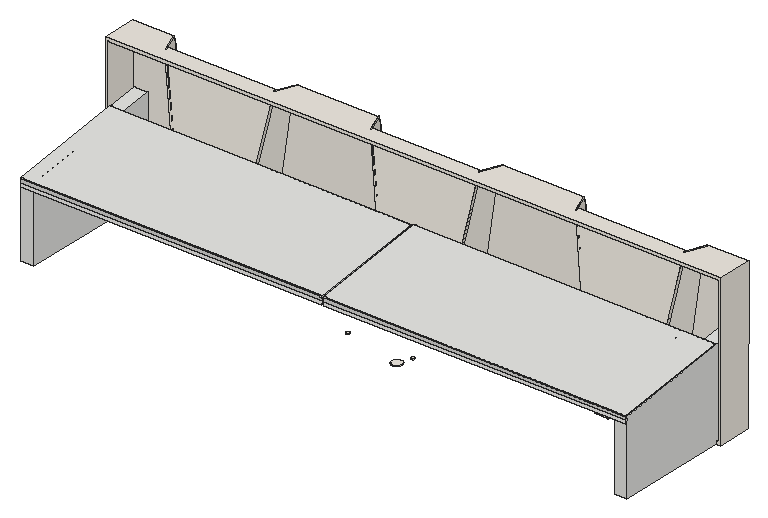
Revit family "Plumbing-Sink-Sloan-Valve-DSOF-83000", category Plumbing Fixtures, host Face, Revit 2019
Family settings
  Host = Face
  Round Connector Dimension = Use Diameter
  Part Type = Normal
  OmniClass Number = 23.45.05.14.14
  OmniClass Title = Sinks/Lavatories
  Cut with Voids When Loaded = No
  Shared = No
  Room Calculation Point = No
Parameters (values of type "DSOF-83000")
  Width = 90.00"  # constant formula
  Water Flow = 0.0 GPM
  Waste Connection = yes
  WFU = 2
  Vent Connection = no
  Valve Pressure Drop = 0.0 Pa
  URL = "www.sloanvalve.com"
  Sanitary Drain Connection Diameter = 1.50"
  Product data url = "https://bimobject.com/sloan_valve/product/sinks_designer-series_dsof-83000"
  Product Material = Sloan - Corian - Venaro White
  Product Guid = ""
  Part Number = ""
  Model = "DSOF-83000"
  Manufacturer = "Sloan Valve"  # constant formula
  Keynote = "10000"
  Hot Water Connection Diameter = 0.50"
  Height = 5.00"  # constant formula
  HWFU = 1.5
  HW Connection = yes
  z_Elevation [instance] = 21.00"  # constant formula
  Enclosure [instance] = yes
  Edition number = 1
  Description = "Designer Series™ 3-Station Wall-Mounted Open Front Sink."
  Depth = 22.00"  # constant formula
  Default Elevation = 0.00"  # constant formula
  Cold Water Connection Diameter = 0.50"
  CWFU = 1.5
  CW Connection = yes
  Assembly Code = "D2010400"
  ADA Compliant = 1 = 1  # yes
Reference planes (in)
  plane 1 "Center (Front/Back)": y = 0
  plane 2: z = 0
  plane 3 "Center (Left/Right)": x = 0
  plane 4: y = -13
  plane 5: y = -34
  plane 6: x = -45
  plane 7: x = 45
  plane 8: z = 22
  plane 9: z = 2.75
  plane 10: z = 3.125
  plane 11: x = 30
  plane 12: x = 24
  plane 13: x = -6
  plane 14: x = -30
  plane 15: x = -24
Forms (in)
  Extrusion 1, solid, not visible
    sketch origin (0, 1, 0) x (1, 0, 0) y (0, 1, 0)
      loop
        circle (4, -14) r 0.75
      loop
        circle (4.75, -12) r 0.25
      loop
        circle (-4.75, -12) r 0.25
      loop
        line (29, -8) -> (29, -9) -> (31, -9) -> (31, -8) -> (29, -8)
    from 0 to 0.50971
Dimensions and locks (in)
  locked: plane 4 to plane 1 "Center (Front/Back)" at 13
  "z_Elevation": plane 4 to plane 5
  aligned and locked: plane 2 to host face
  aligned and locked: level to host face
  aligned and locked: plane 3 "Center (Left/Right)" to nested 1
  aligned and locked: plane 1 "Center (Front/Back)" to nested 1
Automatic sketch dimensions
  host sketch curve to host sketch curve = 131.57161"
  host sketch curve to host sketch curve = 96.00"
  Extrusion 1 sketch curve to plane 4 = 0.00"
  plane 4 to Extrusion 1 sketch curve = 2.00"  (x2)
  Extrusion 1 sketch curve to Extrusion 1 sketch curve = 9.50"
  Extrusion 1 sketch curve to plane 6 = 49.00"
  Extrusion 1 sketch curve to plane 3 "Center (Left/Right)" = 4.75"
  Extrusion 1 sketch curve to Extrusion 1 sketch curve = 2.00"
  plane 4 to Extrusion 1 sketch curve = 5.00"
  Extrusion 1 sketch curve to Extrusion 1 sketch curve = 1.00"
  plane 7 to Extrusion 1 sketch curve = 16.00"
  radius of Extrusion 1 sketch curve = 0.75"
  radius of Extrusion 1 sketch curve = 0.25"  (x2)
Nested families (in)
  nested 1: "Geometry" at (0, 0, 0), type "Geometry"
Connectors (in)
  piping at (4, -13, 0), diameter 1.5, driven by "WFU", driven by "Sanitary Drain Connection Diameter"
    settings: on Extrusion 1, index 2, connector inside diameter 24.00", connector length 0.00", flow factor 0, pipe flow 0.0 GPM, pressure drop 0.0 Pa, fitting loss kfactor 0, connector angle 0.00°, fixture units 2, engagement length 0.00", angle of deflection 0.00°, flow configuration 3, flow direction 2, fitting loss method 0, system type 16, joint type 0, gender type 0, connector reference index -1, connector utility 0, adjustable connector no, is connector primary yes, connector description "Sanitary Drain Connection"
  piping at (4.75, -11, 0), diameter 0.5, driven by "Cold Water Connection Diameter"
    settings: on Extrusion 1, index 3, connector inside diameter 24.00", connector length 0.00", flow factor 0, pipe flow 0.0 GPM, pressure drop 0.0 Pa, fitting loss kfactor 0, connector angle 0.00°, fixture units 1.5, engagement length 0.00", angle of deflection 0.00°, flow configuration 3, flow direction 1, fitting loss method 0, system type 20, joint type 0, gender type 0, connector reference index -1, connector utility 0, adjustable connector no, is connector primary no, connector description "Cold Water Connection"
  piping at (-4.75, -11, 0), diameter 0.5, driven by "Hot Water Connection Diameter"
    settings: on Extrusion 1, index 4, connector inside diameter 24.00", connector length 0.00", flow factor 0, pipe flow 0.0 GPM, pressure drop 0.0 Pa, fitting loss kfactor 0, connector angle 0.00°, fixture units 1.5, engagement length 0.00", angle of deflection 0.00°, flow configuration 3, flow direction 1, fitting loss method 0, system type 19, joint type 0, gender type 0, connector reference index -1, connector utility 0, adjustable connector no, is connector primary no, connector description "Hot Water Connection"
Definition of nested family "Geometry"
  Parameters (values of type "Geometry")
    URL = ""
    Product Material = none
    Model = ""
    Manufacturer = ""
    Enclosure = yes
    Description = ""
    Default Elevation = 34.00"
    Assembly Code = ""
  Reference planes (in)
    plane 1 "Center (Front/Back)": y = 0
    plane 2: z = 0
    plane 3 "Center (Left/Right)": x = 0
    plane 4: y = -5
    plane 5: y = -2.5
    plane 6: z = 22
    plane 7: z = 5
    plane 8: z = 9
    plane 9: x = -15
    plane 10: x = 15
    plane 11: x = -30
    plane 12: x = 30
    plane 13: x = 9
    plane 14: x = -9
    plane 15: x = 6.5
    plane 16: x = -45
    plane 17: x = 45
    plane 18: x = -6.5
    plane 19: x = 23.5
    plane 20: x = -36.5
    plane 21: x = -23.5
    plane 22: x = 36.5
    plane 23: x = 39
    plane 24: x = 21
    plane 25: x = -39
    plane 26: x = -21
    plane 27: x = -38
    plane 28: x = -22
    plane 29: x = -8
    plane 30: x = 8
    plane 31: x = 22
    plane 32: x = 38
    plane 33: z = 7
    plane 34: x = 26
    plane 35: x = 34
    plane 36: y = -13
    plane 37: y = -11
    plane 38: y = -34
    plane 39: y = -13
    plane 40: y = -11
  Forms (in)
    Extrusion 1, solid
      sketch origin (0, 0, 0) x (1, 0, 0) y (0, 1, 0)
        loop
          line (-48, 48) -> (-48, -48) -> (48, -48) -> (48, 48) -> (-48, 48)
      from 0 to -12
    Extrusion 2, void
      sketch origin (-30, 0, 0) x (1, 0, 0) y (0, 1, 0)
        loop
          line (9, 0) -> (-9, 0) -> (-8, -2.5) -> (8, -2.5) -> (9, 0)
      from 21.625 to 22
    Extrusion 3, solid, material <- "Product Material"
      sketch origin (-30, 0, 0) x (1, 0, 0) y (0, 1, 0)
        loop
          line (-4.79979, -4.375) -> (4.79979, -4.375) -> (6.3654, -0.5) -> (-6.3654, -0.5) -> (-4.79979, -4.375)
      from 4.625 to 5
    Extrusion 4, solid, material <- "Product Material"
      sketch origin (-30, 0, 0) x (0, 1, 0) y (0, 0, 1)
        loop
          line (-4, 8.97618) -> (-2.5, 22) -> (-2.87748, 22) -> (-4.375, 8.9977) -> (-4.375, 4.625) -> (-4, 4.625) -> (-4, 8.97618)
      from -9 to 9
    Extrusion 5, void
      sketch origin (-30, 0, 0) x (1, 0, 0) y (0, 0, 1)
        loop
          line (9, 4.625) -> (9, 21.625) -> (7.92702, 21.625) -> (4.86229, 4.625) -> (9, 4.625)
        loop
          line (-9, 4.625) -> (-4.86229, 4.625) -> (-7.92702, 21.625) -> (-9, 21.625) -> (-9, 4.625)
      from 2 to 5
    Blend 6, solid, material <- "Product Material"
      base sketch origin (-30, 0, 0) x (1, 0, 0) y (0, 1, 0)
        loop
          line (-9, 0) -> (-9.06988, 0) -> (-7.9206, -2.86679) -> (-7.85328, -2.86679) -> (-9, 0)
      top sketch origin (-30, 0, 0) x (1, 0, 0) y (0, 1, 0)
        loop
          line (-6.5, 0) -> (-6.56741, 0) -> (-4.79979, -4.375) -> (-4.73239, -4.375) -> (-6.5, 0)
      from 22 to 4.625
    Extrusion 7, void
      sketch origin (0, 0, 0) x (-1, 0, 0) y (0, -1, 0)
        loop
          line (9, 0) -> (8, 2.5) -> (-8, 2.5) -> (-9, 0) -> (9, 0)
      from 21.625 to 22
    Extrusion 8, solid, material <- "Product Material"
      sketch origin (0, 0, 0) x (-1, 0, 0) y (0, -1, 0)
        loop
          line (-4.79979, 4.375) -> (-6.3654, 0.5) -> (6.3654, 0.5) -> (4.79979, 4.375) -> (-4.79979, 4.375)
      from 4.625 to 5
    Extrusion 9, solid, material <- "Product Material"
      sketch origin (0, 0, 0) x (0, 1, 0) y (0, 0, -1)
        loop
          line (-4, -8.97618) -> (-4, -4.625) -> (-4.375, -4.625) -> (-4.375, -8.9977) -> (-2.87748, -22) -> (-2.5, -22) -> (-4, -8.97618)
      from -9 to 9
    Extrusion 10, void
      sketch origin (0, 0, 0) x (-1, 0, 0) y (0, 0, -1)
        loop
          line (9, -4.625) -> (4.86229, -4.625) -> (7.92702, -21.625) -> (9, -21.625) -> (9, -4.625)
        loop
          line (-9, -4.625) -> (-9, -21.625) -> (-7.92702, -21.625) -> (-4.86229, -4.625) -> (-9, -4.625)
      from 2 to 5
    Extrusion 11, solid, material <- "Product Material"
      sketch origin (0, 0, 0) x (-1, 0, 0) y (0, 0, -1)
        loop
          line (6.58782, -5) -> (8.94485, -21.625) -> (15, -21.625) -> (21.05515, -21.625) -> (23.5, -5) -> (36.58782, -5) -> (38.94485, -21.625) -> (44.625, -21.625) -> (44.625, -0.375) -> (-44.625, -0.375) -> (-44.625, -21.625) -> (-38.94485, -21.625) -> (-36.58782, -5) -> (-23.5, -5) -> (-21.05515, -21.625) -> (-15, -21.625) -> (-8.94485, -21.625) -> (-6.5, -5) -> (6.58782, -5)
      from 0 to 0.5
    Blend 12, solid, material <- "Product Material"
      base sketch origin (0, 0, 0) x (-1, 0, 0) y (0, -1, 0)
        loop
          line (-9, 0) -> (-7.85328, 2.86679) -> (-7.9206, 2.86679) -> (-9.06988, 0) -> (-9, 0)
      top sketch origin (0, 0, 0) x (-1, 0, 0) y (0, -1, 0)
        loop
          line (-6.5, 0) -> (-4.73239, 4.375) -> (-4.79979, 4.375) -> (-6.56741, 0) -> (-6.5, 0)
      from 22 to 4.625
    Blend 13, solid, material <- "Product Material"
      base sketch origin (0, 0, 0) x (1, 0, 0) y (0, 1, 0)
        loop
          line (-9, 0) -> (-9.06988, 0) -> (-7.9206, -2.86679) -> (-7.85328, -2.86679) -> (-9, 0)
      top sketch origin (0, 0, 0) x (1, 0, 0) y (0, 1, 0)
        loop
          line (-6.5, 0) -> (-6.56741, 0) -> (-4.79979, -4.375) -> (-4.73239, -4.375) -> (-6.5, 0)
      from 22 to 4.625
    Blend 14, solid, material <- "Product Material"
      base sketch origin (-30, 0, 0) x (-1, 0, 0) y (0, -1, 0)
        loop
          line (-9, 0) -> (-7.85328, 2.86679) -> (-7.9206, 2.86679) -> (-9.06988, 0) -> (-9, 0)
      top sketch origin (-30, 0, 0) x (-1, 0, 0) y (0, -1, 0)
        loop
          line (-6.5, 0) -> (-4.73239, 4.375) -> (-4.79979, 4.375) -> (-6.56741, 0) -> (-6.5, 0)
      from 22 to 4.625
    Sweep 15, solid, material <- "Product Material"
      path origin (30, 0, 0) x (-1, 0, 0) y (0, 0, -1)
        loop
          line (75, -22) -> (75, 0) -> (-15, 0) -> (-15, -22) -> (75, -22)
      profile origin (0, 0, 22) x (0, 0, 1) y (0, -1, 0)
        loop
          line (-0.375, 5) -> (-0.375, 0) -> (0, 0) -> (0, 5) -> (-0.375, 5)
    Extrusion 16, void
      sketch origin (30, 0, 0) x (-1, 0, 0) y (0, -1, 0)
        loop
          line (9, 0) -> (8, 2.5) -> (-8, 2.5) -> (-9, 0) -> (9, 0)
      from 21.625 to 22
    Extrusion 17, solid, material <- "Product Material"
      sketch origin (30, 0, 0) x (-1, 0, 0) y (0, -1, 0)
        loop
          line (-4.79979, 4.375) -> (-6.3654, 0.5) -> (6.3654, 0.5) -> (4.79979, 4.375) -> (-4.79979, 4.375)
      from 4.625 to 5
    Extrusion 18, solid, material <- "Product Material"
      sketch origin (30, 0, 0) x (0, 1, 0) y (0, 0, -1)
        loop
          line (-4, -8.97618) -> (-4, -4.625) -> (-4.375, -4.625) -> (-4.375, -8.9977) -> (-2.87748, -22) -> (-2.5, -22) -> (-4, -8.97618)
      from -9 to 9
    Extrusion 19, void
      sketch origin (30, -0.5, 0) x (0, 1, 0) y (0, 0, -1)
        loop
          line (-2, -22) -> (-2, -21.625) -> (-2.04319, -21.625) -> (-2, -22)
      from -8.0452 to 8.02811
    Extrusion 20, void
      sketch origin (30, 0, 0) x (-1, 0, 0) y (0, 0, -1)
        loop
          line (9, -4.625) -> (4.86229, -4.625) -> (7.92702, -21.625) -> (9, -21.625) -> (9, -4.625)
        loop
          line (-9, -4.625) -> (-9, -21.625) -> (-7.92702, -21.625) -> (-4.86229, -4.625) -> (-9, -4.625)
      from 2 to 5
    Blend 21, solid, material <- "Product Material"
      base sketch origin (30, 0, 0) x (-1, 0, 0) y (0, -1, 0)
        loop
          line (-9, 0) -> (-7.85328, 2.86679) -> (-7.9206, 2.86679) -> (-9.06988, 0) -> (-9, 0)
      top sketch origin (30, 0, 0) x (-1, 0, 0) y (0, -1, 0)
        loop
          line (-6.5, 0) -> (-4.73239, 4.375) -> (-4.79979, 4.375) -> (-6.56741, 0) -> (-6.5, 0)
      from 22 to 4.625
    Blend 22, solid, material <- "Product Material"
      base sketch origin (30, 0, 0) x (1, 0, 0) y (0, 1, 0)
        loop
          line (-9, 0) -> (-9.06988, 0) -> (-7.9206, -2.86679) -> (-7.85328, -2.86679) -> (-9, 0)
      top sketch origin (30, 0, 0) x (1, 0, 0) y (0, 1, 0)
        loop
          line (-6.5, 0) -> (-6.56741, 0) -> (-4.79979, -4.375) -> (-4.73239, -4.375) -> (-6.5, 0)
      from 22 to 4.625
    Extrusion 23, solid, material <- "Product Material"
      sketch origin (0, -3.426, 0) x (1, 0, 0) y (0, 0, 1)
        loop
          line (31, 8) -> (29, 8) -> (29, 6) -> (31, 6) -> (31, 8)
      from 0 to 0.5
    Extrusion 24, solid, material <- "Product Material"
      sketch origin (-30, -3.426, 0) x (1, 0, 0) y (0, 0, 1)
        loop
          line (31, 8) -> (29, 8) -> (29, 6) -> (31, 6) -> (31, 8)
      from 0 to 0.5
    Extrusion 25, solid, material <- "Product Material"
      sketch origin (-60, -3.426, 0) x (1, 0, 0) y (0, 0, 1)
        loop
          line (31, 8) -> (29, 8) -> (29, 6) -> (31, 6) -> (31, 8)
      from 0 to 0.5
    Extrusion 26, solid, material <- "Product Material"
      sketch origin (0, 0, 0) x (1, 0, 0) y (0, 1, 0)
        loop
          circle (-4.75, -11) r 0.25
        loop
          circle (4, -13) r 0.75
        loop
          circle (4.75, -11) r 0.25
        loop
          line (29, -8) -> (31, -8) -> (31, -7) -> (29, -7) -> (29, -8)
      from -0.01994 to 0
  Cuts and joins
    Extrusion 7, Extrusion 10, Extrusion 16, Extrusion 19, Extrusion 20 cuts Blend 6
    Extrusion 16, Extrusion 19, Extrusion 20 cuts Blend 14
    joined: Blend 6, Blend 14
    joined: Blend 12, Blend 13
    Extrusion 10, Extrusion 16, Extrusion 19, Extrusion 20 cuts Extrusion 3
    Extrusion 2, Extrusion 5, Extrusion 7, Extrusion 10, Extrusion 16, Extrusion 19, Extrusion 20 cuts Extrusion 4
    Extrusion 7, Extrusion 10 cuts Extrusion 9
    Extrusion 2, Extrusion 7, Extrusion 16, Extrusion 19 cuts Sweep 15
    Extrusion 16, Extrusion 19, Extrusion 20 cuts Extrusion 18
    joined: Extrusion 3, Extrusion 4, Extrusion 8, Extrusion 9, Sweep 15, Extrusion 17, Extrusion 18
    Extrusion 7, Extrusion 16 cuts Extrusion 11
    joined: Blend 21, Blend 22
  Lines and regions (in)
    Masking region 1
      outline origin (0, 0, 0) x (1, 0, 0) y (0, 0, 1)
        loop
          line (45, 22) -> (-45, 22) -> (-45, 0) -> (45, 0) -> (45, 22)
    symbolic lines, detail levels medium+fine
      curve 1: line (39.06988, 0, 22) -> (36.56741, 0, 4.625)
      curve 2: line (36.56741, 0, 4.625) -> (23.43259, 0, 4.625)
      curve 3: line (23.43259, 0, 4.625) -> (20.93012, 0, 22)
      curve 4: line (37.9206, 0, 22) -> (34.79979, 0, 4.625)
      curve 5: line (22.0794, 0, 22) -> (25.20021, 0, 4.625)
      curve 10: line (24.35328, 0, 8.97618) -> (35.64672, 0, 8.97618)
      curve 11: line (-39.05279, 0, 22) -> (-36.55032, 0, 4.625)
      curve 12: line (-36.55032, 0, 4.625) -> (-23.4155, 0, 4.625)
      curve 13: line (-23.4155, 0, 4.625) -> (-20.91303, 0, 22)
      curve 14: line (-37.90351, 0, 22) -> (-34.7827, 0, 4.625)
      curve 15: line (-22.06231, 0, 22) -> (-25.18312, 0, 4.625)
      curve 20: line (-24.33619, 0, 8.97618) -> (-35.62963, 0, 8.97618)
      curve 21: line (9.07842, 0, 22) -> (6.57595, 0, 4.625)
      curve 22: line (6.57595, 0, 4.625) -> (-6.55886, 0, 4.625)
      curve 23: line (-6.55886, 0, 4.625) -> (-9.06133, 0, 22)
      curve 24: line (7.92914, 0, 22) -> (4.80834, 0, 4.625)
      curve 25: line (-7.91205, 0, 22) -> (-4.79125, 0, 4.625)
      curve 30: line (-5.63817, 0, 8.97618) -> (5.65526, 0, 8.97618)
    symbolic lines, detail levels fine
      curve 6: line (29, 0, 8) -> (31, 0, 8)
      curve 7: line (31, 0, 8) -> (31, 0, 6)
      curve 8: line (31, 0, 6) -> (29, 0, 6)
      curve 9: line (29, 0, 6) -> (29, 0, 8)
      curve 16: line (-28.98291, 0, 8) -> (-30.98291, 0, 8)
      curve 17: line (-30.98291, 0, 8) -> (-30.98291, 0, 6)
      curve 18: line (-30.98291, 0, 6) -> (-28.98291, 0, 6)
      curve 19: line (-28.98291, 0, 6) -> (-28.98291, 0, 8)
      curve 26: line (-0.99146, 0, 8) -> (1.00854, 0, 8)
      curve 27: line (1.00854, 0, 8) -> (1.00854, 0, 6)
      curve 28: line (1.00854, 0, 6) -> (-0.99146, 0, 6)
      curve 29: line (-0.99146, 0, 6) -> (-0.99146, 0, 8)
      curve 31: circle (-6, 0, 3.12974) r 0.5 normal (0, -1, 0)
      curve 32: circle (0, 0, 2.75083) r 0.625 normal (0, -1, 0)
      curve 33: circle (-24, 0, 3.12974) r 0.5 normal (0, 1, 0)
      curve 34: circle (-30, 0, 2.75083) r 0.625 normal (0, 1, 0)
      curve 35: circle (24, 0, 3.12974) r 0.5 normal (0, -1, 0)
      curve 36: circle (30, 0, 2.75083) r 0.625 normal (0, -1, 0)
  Dimensions and locks (in)
    plane 6 to plane 7 = 17.00"
    plane 7 to Extrusion 1 = 5.00"  (x2)
    plane 8 to plane 7 = 4.00"
    plane 3 "Center (Left/Right)" to plane 11 = 30.00"
    plane 16 to plane 17 = 90.00"
    Extrusion 1 to plane 6 = 22.00"
    plane 5 to plane 1 "Center (Front/Back)" = 2.50"
    plane 4 to plane 5 = 2.50"
    plane 4 to plane 1 "Center (Front/Back)" = 5.00"
    plane 7 to plane 6 = 17.00"
    plane 7 to plane 8 = 4.00"
    plane 3 "Center (Left/Right)" to plane 12 = 30.00"
    plane 13 to plane 14 = 18.00"
    plane 15 to plane 18 = 13.00"
    plane 22 to plane 19 = 13.00"
    plane 20 to plane 21 = 13.00"
    plane 23 to plane 24 = 18.00"
    plane 25 to plane 26 = 18.00"
    plane 27 to plane 28 = 16.00"
    plane 29 to plane 30 = 16.00"
    plane 31 to plane 32 = 16.00"
    plane 3 "Center (Left/Right)" to Extrusion 26 sketch curve = 4.75"
    Extrusion 26 sketch curve to plane 3 "Center (Left/Right)" = 4.75"
    aligned and locked: plane 2 to Extrusion 1
    aligned and locked: level to Extrusion 1
    aligned and locked: plane 3 "Center (Left/Right)" to nested 1
  Nested families (in)
    nested 1: "DSWD Enclosure" at (0, 0.59528, 0), visible <- "Enclosure", type "Geometry"
  Definition of nested family "DSWD Enclosure"
    Parameters (values of type "Geometry")
      Width = 90.00" - 2 * 0.69141"  # 88.61719"
      URL = ""
      Type Comments = ""
      Product Material = none
      Model = ""
      Manufacturer = ""
      Installation Type = ""
      Enclosure Material = none
      Enclosure = yes
      Description = ""
      Default Elevation = 34.00"
      Assembly Code = ""
    Reference planes (in)
      plane 1 "Center (Front/Back)": y = 0
      plane 2: z = 0
      plane 3 "Center (Left/Right)": x = 0
      plane 4: y = -5
      plane 5: z = 22
      plane 6: y = -34
      plane 7: y = -13
      plane 8: y = -11
      plane 9: y = -22
      plane 10: x = -44.30859
      plane 11: x = 44.30859
    Forms (in)
      Extrusion 1, solid
        sketch origin (0, 0, 0) x (1, 0, 0) y (0, 1, 0)
          loop
            line (-67.14883, 48) -> (-67.14883, -48) -> (67.56872, -48) -> (67.56872, 48) -> (-67.14883, 48)
        from 0 to -12
      Extrusion 2, solid, material <- "Enclosure Material", visible <- "Enclosure"
        sketch origin (15.00391, 25.02578, 59.38794) x (0, 1, 0) y (0, 0, 1)
          loop
            line (-30.62246, -47.25332) -> (-30.74068, -46.38635) -> (-32.10307, -46.57213) -> (-31.98485, -47.43911) -> (-30.62246, -47.25332)
          loop
            line (-32.03833, -47.50948) -> (-30.55208, -47.30681) -> (-30.6872, -46.31598) -> (-32.17344, -46.51865) -> (-32.03833, -47.50948)
          loop
            line (-45.48491, -49.28) -> (-45.60313, -48.41303) -> (-46.96553, -48.59881) -> (-46.8473, -49.46578) -> (-45.48491, -49.28)
          loop
            line (-45.41454, -49.33349) -> (-45.54965, -48.34265) -> (-47.0359, -48.54532) -> (-46.90078, -49.53615) -> (-45.41454, -49.33349)
        from -59.0625 to 29.30469
      Extrusion 3, solid, material <- "Enclosure Material", visible <- "Enclosure"
        sketch origin (64.43359, 25.02656, 59.38608) x (0, 1, 0) y (0, 0, 1)
          loop
            arc (-30.71712, -46.22346) -> (-30.69443, -46.1936) -> (-30.72429, -46.1709) r 0.02652
            line (-30.72429, -46.1709) -> (-47.06827, -48.39963)
            arc (-47.06827, -48.39963) -> (-47.12442, -48.44125) -> (-47.14314, -48.50859) r 0.10755
            line (-47.14314, -48.50859) -> (-47.0696, -49.04788) -> (-47.14957, -49.517) -> (-47.10028, -49.5254) -> (-47.01903, -49.04872) -> (-47.0933, -48.504)
            arc (-47.0933, -48.504) -> (-47.08629, -48.47456) -> (-47.0653, -48.45275) r 0.05755
            line (-47.0653, -48.45275) -> (-30.71712, -46.22346)
        from -64.30656 to -20.125
      Extrusion 4, solid, material <- "Enclosure Material", visible <- "Enclosure"
        sketch origin (15.25391, 25.02656, 59.38608) x (0, 1, 0) y (0, 0, 1)
          loop
            arc (-30.71712, -46.22346) -> (-30.69443, -46.1936) -> (-30.72429, -46.1709) r 0.02652
            line (-30.72429, -46.1709) -> (-47.06827, -48.39963)
            arc (-47.06827, -48.39963) -> (-47.12442, -48.44125) -> (-47.14314, -48.50859) r 0.10755
            line (-47.14314, -48.50859) -> (-47.0696, -49.04788) -> (-47.14957, -49.517) -> (-47.10028, -49.5254) -> (-47.01903, -49.04872) -> (-47.0933, -48.504)
            arc (-47.0933, -48.504) -> (-47.08629, -48.47456) -> (-47.0653, -48.45275) r 0.05755
            line (-47.0653, -48.45275) -> (-30.71712, -46.22346)
        from -59.5 to -15.38346
      Extrusion 5, solid, material <- "Enclosure Material", visible <- "Enclosure"
        sketch origin (25.61043, 0, 0) x (0, 1, 0) y (0, 0, 1)
          loop
            line (-1.09528, 13.69462) -> (-21.875, 10.86102) -> (-21.875, 0) -> (-1.09528, 0) -> (-1.09528, 13.69462)
        from -69.91903 to -68.04403
      Extrusion 6, solid, material <- "Enclosure Material", visible <- "Enclosure"
        sketch origin (-25.61043, 0, 0) x (0, 1, 0) y (0, 0, -1)
          loop
            line (-1.09528, -13.69464) -> (-1.09528, 0) -> (-21.875, 0) -> (-21.875, -10.86104) -> (-1.09528, -13.69464)
        from -69.91903 to -68.10653
    Cuts and joins
      joined: Extrusion 2, Extrusion 3, Extrusion 4, Extrusion 5, Extrusion 6
    Dimensions and locks (in)
      locked: Extrusion 1 to plane 5 at 22
      locked: plane 4 to plane 1 "Center (Front/Back)" at 5
      plane 6 to plane 8 = 23.00"
      plane 6 to plane 7 = 21.00"
      "Default Elevation": plane 6 to plane 1 "Center (Front/Back)"
      plane 1 "Center (Front/Back)" to plane 6 = 34.00"
      equal spacing: plane 10, plane 3 "Center (Left/Right)", plane 11
      "Width": plane 10 to plane 11
      aligned and locked: Extrusion 1 to plane 2
      aligned and locked: Extrusion 1 to level
    Automatic sketch dimensions
      Extrusion 1 sketch curve to Extrusion 1 sketch curve = 134.71755"
      Extrusion 1 sketch curve to Extrusion 1 sketch curve = 96.00"
      Extrusion 5 sketch curve to level = 0.00"
      Extrusion 5 sketch curve to plane 9 = 0.125"
      plane 1 "Center (Front/Back)" to Extrusion 5 sketch curve = 1.09528"
      plane 5 to Extrusion 5 sketch curve = 11.13898"
      plane 5 to Extrusion 5 sketch curve = 8.30538"
      Extrusion 6 sketch curve to level = 0.00"
      Extrusion 6 sketch curve to plane 9 = 0.125"
      plane 1 "Center (Front/Back)" to Extrusion 6 sketch curve = 1.09528"
      plane 5 to Extrusion 6 sketch curve = 11.13896"
      plane 5 to Extrusion 6 sketch curve = 8.30536"
      plane 9 to Extrusion 2 sketch curve = 0.01011"
      Extrusion 2 sketch curve to plane 9 = 0.06026"
      Extrusion 2 sketch curve to plane 9 = 0.125"
      Extrusion 2 sketch curve to Extrusion 2 sketch curve = 0.05348"  (x6)
      Extrusion 2 sketch curve to Extrusion 2 sketch curve = 1.36239"
      plane 4 to Extrusion 2 sketch curve = 2.14766"
      Extrusion 2 sketch curve to Extrusion 2 sketch curve = 0.07037"  (x3)
      Extrusion 2 sketch curve to Extrusion 2 sketch curve = 0.06474"
      plane 4 to Extrusion 2 sketch curve = 0.7149"
      level to Extrusion 2 sketch curve = 9.85179"
      Extrusion 2 sketch curve to Extrusion 2 sketch curve = 0.1323"  (x2)
      level to Extrusion 2 sketch curve = 11.87847"
      Extrusion 3 sketch curve to Extrusion 3 sketch curve = 0.00"  (x2)
      Extrusion 3 sketch curve to plane 9 = 0.12301"
      Extrusion 3 sketch curve to plane 9 = 0.11658"
      Extrusion 3 sketch curve to Extrusion 3 sketch curve = 0.04929"
      Extrusion 3 sketch curve to Extrusion 3 sketch curve = 0.04984"
      Extrusion 3 sketch curve to plane 9 = 0.04304"
      Extrusion 3 sketch curve to plane 9 = 0.04171"
      Extrusion 3 sketch curve to plane 9 = 0.03874"
      Extrusion 3 sketch curve to plane 9 = 0.00923"
      plane 9 to Extrusion 3 sketch curve = 0.00753"
      Extrusion 3 sketch curve to plane 4 = 0.69773"
      Extrusion 3 sketch curve to Extrusion 3 sketch curve = 0.00358"  (x2)
      Extrusion 3 sketch curve to plane 5 = 8.78482"
      Extrusion 3 sketch curve to Extrusion 3 sketch curve = 0.02628"
      Extrusion 3 sketch curve to level = 10.98645"
      Extrusion 3 sketch curve to Extrusion 3 sketch curve = 0.05312"
      Extrusion 3 sketch curve to Extrusion 3 sketch curve = 0.0494"
      Extrusion 3 sketch curve to Extrusion 3 sketch curve = 0.53929"
      Extrusion 3 sketch curve to Extrusion 3 sketch curve = 0.00084"
      Extrusion 4 sketch curve to Extrusion 4 sketch curve = 0.00"  (x2)
      Extrusion 4 sketch curve to plane 9 = 0.12301"
      Extrusion 4 sketch curve to plane 9 = 0.11658"
      Extrusion 4 sketch curve to Extrusion 4 sketch curve = 0.04929"
      Extrusion 4 sketch curve to Extrusion 4 sketch curve = 0.04984"
      Extrusion 4 sketch curve to plane 9 = 0.04304"
      Extrusion 4 sketch curve to plane 9 = 0.04171"
      Extrusion 4 sketch curve to plane 9 = 0.03874"
      Extrusion 4 sketch curve to plane 9 = 0.00923"
      plane 9 to Extrusion 4 sketch curve = 0.00753"
      Extrusion 4 sketch curve to plane 4 = 0.69773"
      Extrusion 4 sketch curve to Extrusion 4 sketch curve = 0.00358"  (x2)
      Extrusion 4 sketch curve to plane 5 = 8.78482"
      Extrusion 4 sketch curve to Extrusion 4 sketch curve = 0.02628"
      Extrusion 4 sketch curve to level = 10.98645"
      Extrusion 4 sketch curve to Extrusion 4 sketch curve = 0.05312"
      Extrusion 4 sketch curve to Extrusion 4 sketch curve = 0.0494"
      Extrusion 4 sketch curve to Extrusion 4 sketch curve = 0.53929"
      Extrusion 4 sketch curve to Extrusion 4 sketch curve = 0.00084"
